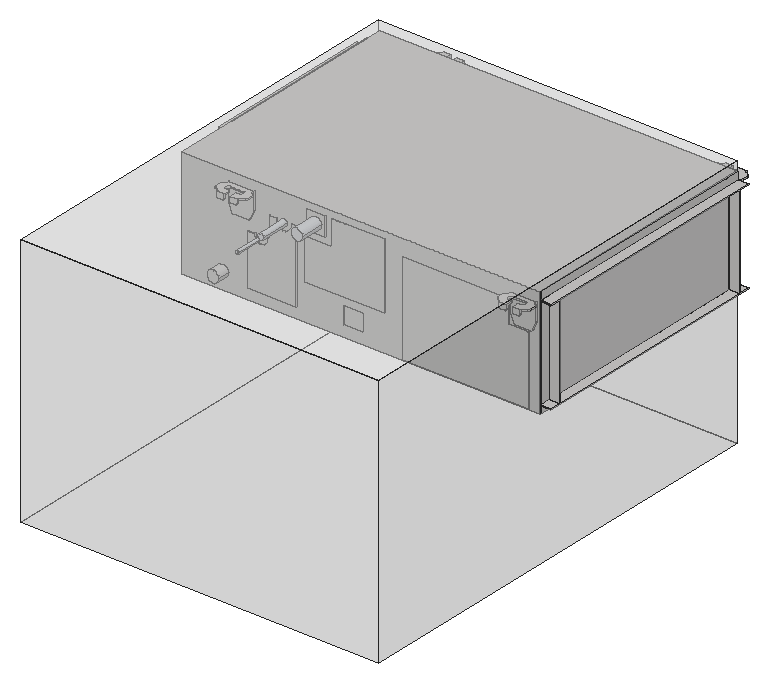
Revit family "outputfile", category 機械設備, Revit 2024
Family settings
  丸型コネクタ寸法 = 半径を使用
  パーツ タイプ = 標準
  OmniClass 番号 = 23.75.10.24.21.27.27
  OmniClass タイトル = Split System Air Conditioning Units
  作業面ベース = いいえ
  常に垂直 = はい
  ロード時にボイドで切り取り = いいえ
  注釈の向きを維持 = いいえ
  共有 = いいえ
  部屋計算ポイント = はい
Parameters (values of type "FXSQ20PAVS")
  Description = ""
  製造元 = "Daikin"
  書き出し IFC クラス(タイプ) = "IfcUnitaryEquipmentType"
  定義済み IFC タイプ(タイプ) = "AIRCONDITIONINGUNIT"
  Cost = 0
  モデル = "FXSQ20PAVS"
  Type Comments = ""
  Keynote = ""
  Type Image = (empty or 0)
  Assembly Code = ""
  r_Liquid Pipe Size = Liquid Pipe Size / 2  # 3.2 mm
  r_Gas Pipe Size = Gas Pipe Size / 2  # 6.35 mm
  r_Drain Pipe Size = Drain Pipe Size / 2  # 12.5 mm
  lw_power = 770.0 mm  # constant formula
  lh_SA = 138.0 mm  # constant formula
  lw_SA = if(Depth = 550.0 mm, 225.0 mm, if(Depth = 700.0 mm, 300.0 mm, if(Depth = 1000.0 mm, 450.0 mm, if(Depth = 1400.0 mm, 650.0 mm, 725.0 mm))))  # 225.0 mm
  lw_RA = if(Depth = 550.0 mm, 275.0 mm, if(Depth = 700.0 mm, 349.0 mm, if(Depth = 1000.0 mm, 499.0 mm, if(Depth = 1400.0 mm, 699.0 mm, 775.0 mm))))  # 275.0 mm
  lh_power = 60.0 mm + [h***]  # 60.0 mm
  lh_mountinghole1 = lh_mountinghole + [h***]  # 222.0 mm
  lh_RA = 123.0 mm  # constant formula
  ld_power = Depth / 2  # 275.0 mm
  Voltage_comment_50Hz = "220-240"
  Voltage_50Hz = 220 V
  URL = ""
  Supply Air Direction [instance] = yes
  Sound Power Level_H speed (dB) = 61
  Phase_50Hz = 1
  Minimum External Static Pressure = 30.00 Pa
  Minimum Circuit Amps_50Hz = 0.8 A
  Maximum Fuse Amps_50Hz = 16.0 A
  Maximum External Static Pressure = 150.00 Pa
  Material_Casing = DAIKIN_GalvanizedSteel_Casing_indoorunit
  lw_mountinghole = 630.0 mm  # constant formula
  lh_gaspipe = 183.0 mm + [h***]  # 183.0 mm
  lh_mountinghole = 222.0 mm  # constant formula
  lh_liquidpipe = 136.0 mm + [h***]  # 136.0 mm
  lh_drainpipe = 207.0 mm + [h***]  # 207.0 mm
  lh_antena = Height - lh_mountinghole + 1.0 mm  # 24.0 mm
  ld_drainpipe = Depth / 2 + 53.0 mm  # 328.0 mm
  ld_liquidpipe = Depth / 2 + 69.0 mm  # 344.0 mm
  ld_gaspipe = Depth / 2 + 65.0 mm  # 340.0 mm
  ld_mountinghole = Depth + 38.0 mm  # 588.0 mm
  h*** = 0.0 mm  # constant formula
  lw_liquidpipe = 179.0 mm  # constant formula
  lw_gaspipe = 229.0 mm  # constant formula
  lw_drainpipe = 300.0 mm  # constant formula
  Width = 800.0 mm
  Version = "ver.1.0"
  Unit Type = "Middle Static Pressure Duct Type"
  Unit Mass Weight = 25.00 kg
  Unit Designation [instance] = ""
  Uniclass2015Version = "Products v1.30"
  Uniclass2015Title = "Variable refrigerant flow units"
  Uniclass2015Code = "Pr_70_65_03_94"
  Total Heating Capacity [instance] = 0.000 kW
  Total Cooling Capacity [instance] = 0.000 kW
  Sound Pressure Level_M speed (dBA) = 0
  Sound Pressure Level_L speed (dBA) = 28
  Sound Pressure Level_H speed (dBA) = 33
  Series = "VRV Fan Coil Unit"
  Sensible Cooling Capacity [instance] = 0.000 kW
  SA Duct Size Width = if(Depth = 550.0 mm, 337.0 mm, if(Depth = 700.0 mm, 492.0 mm, if(Depth = 1000.0 mm, 792.0 mm, if(Depth = 1400.0 mm, 1192.0 mm, 1337.0 mm))))  # 337.0 mm
  SA Duct Size Height = 176.0 mm
  Refrigerant Type = "R410A"
  RA Duct Size Width = if(Depth = 550.0 mm, 502.0 mm, if(Depth = 700.0 mm, 654.0 mm, if(Depth = 1000.0 mm, 952.0 mm, if(Depth = 1400.0 mm, 1352.0 mm, 1502.0 mm))))  # 502.0 mm
  RA Duct Size Height = 208.0 mm
  Power Input (Heating) = 0.099 kW
  Power Input (Cooling) = 0.104 kW
  Option Accessory 3 [instance] = ""
  Option Accessory 2 [instance] = ""
  Option Accessory 1 [instance] = ""
  Nominal Heating Capacity = 2.500 kW
  Nominal Cooling Capacity = 2.200 kW
  Minimum Airflow = 390.00 m³/h
  Median Airflow = 450.00 m³/h
  Maximum Airflow = 540.00 m³/h
  Load Classification = HVAC
  Liquid Pipe Size = 6.4 mm
  Link_Nested Family [instance] = ""
  IfcVersion = "0"
  IfcExportType = "AIRCONDITIONINGUNIT"
  IfcExportAs = "IfcUnitaryEquipmentType"
  Height = 245.0 mm
  Heating Entering Wet Bulb Temperature [instance] = 0.00 °C
  Heating Entering Dry Bulb Temperature [instance] = 0.00 °C
  Heating Ambient Wet Bulb Temperature [instance] = 0.00 °C
  Heating Ambient Dry Bulb Temperature [instance] = 0.00 °C
  Heat Exchanger Type = "Cross Fin Coil"
  Gas Pipe Size = 12.7 mm
  Frequency_50Hz = 50 Hz
  Fan Type = "Sirocco Fan"
  Fan Drive = "Direct Drive"
  FCU Tag No. [instance] = ""
  Drain Pipe Size = 25.0 mm
  Design Supply Airflow [instance] = 0.00 m³/h
  Design Return Airflow [instance] = 0.00 m³/h
  Design External Static Pressure [instance] = 0.00 Pa
  Depth = 550.0 mm
  既定の高さ = 0.0 mm
  Cooling Entering Wet Bulb Temperature [instance] = 0.00 °C
  Cooling Entering Dry Bulb Temperature [instance] = 0.00 °C
  Cooling Ambient Wet Bulb Temperature [instance] = 0.00 °C
  Cooling Ambient Dry Bulb Temperature [instance] = 0.00 °C
  Clearance visibility [instance] = yes
  Clearance Top = 20.0 mm
  Clearance Right = 0.0 mm
  Clearance Rear = 0.0 mm
  Clearance Left = 0.0 mm
  Clearance Front = 450.0 mm
  Clearance Bottom = 300.0 mm
Reference planes
  plane 1 "Center (Front/Back)": y = 0
  plane 2 "h": z = 0
  plane 3 "Center (Left/Right)": x = 0
  plane 4 "Back": y = 275
  plane 5 "Front": y = -275
  plane 6 "Left": x = -400
  plane 7 "Reight": x = 400
  plane 8 "Top": z = 0
  plane 9 "Bottom": z = -245
  plane 10: y = -215
  plane 11: y = 275
  plane 12: y = -725
  plane 13: x = -400
  plane 14: x = 400
  plane 15: z = 20
  plane 16: z = -545
  plane 17: x = -400
  plane 18: x = -399
  plane 19: x = 399
  plane 20: y = 50
  plane 21: y = 0
  plane 22: z = -122
  plane 23: y = -276
  plane 24: z = -109
  plane 25: x = -221
  plane 26: y = -340
  plane 27: z = -62
  plane 28: x = -171
  plane 29: y = -328
  plane 30: z = -38
  plane 31: x = -100
  plane 32: x = -100
  plane 33: x = -221
  plane 34: x = -171
  plane 35: x = 370
  plane 36: x = -266
  plane 37: x = 364
  plane 38: y = -294
  plane 39: y = 294
  plane 40: z = -23
  plane 41: z = -107
  plane 42: y = -344
  plane 43: z = -207
  plane 44: x = -309
  plane 45: y = -301
  plane 46: x = -251
  plane 47: x = -203
  plane 48: x = -144
  plane 49: z = -59
  plane 50: z = -106
  plane 51: z = -221
  plane 52: z = -109
  plane 53: x = -221
  plane 54: z = -62
  plane 55: x = -171
  plane 56: z = -17
  plane 57: z = -59
  plane 58: x = -121
  plane 59: x = -79
  plane 60: x = -125
  plane 61: x = -64
  plane 62: x = 53
  plane 63: z = -164
  plane 64: z = -73
  plane 65: z = -16
  plane 66: x = 93.5
  plane 67: x = 374.5
  plane 68: x = 330
  plane 69: z = -88.5
  plane 70: z = -38
  plane 71: z = -242.5
  plane 72: x = -38.5
  plane 73: x = 6.5
  plane 74: z = -181
  plane 75: z = -221
  plane 76: y = -274
  plane 77: x = -424
  plane 78: x = 424
Forms (mm)
  Extrusion 1, solid, material "DAIKIN_GalvanizedSteel_Casing_indoorunit" <- "Material_Casing"
    sketch origin (0, 0, 0) x (1, 0, 0) y (0, 1, 0)
      loop
        line (-399, 275) -> (-399, -275) -> (399, -275) -> (399, 275) -> (-399, 275)
    from -245 to 0
  Extrusion 2, solid, material "DAIKIN_GalvanizedSteel_Casing_indoorunit" <- "Material_Casing"
    sketch origin (0, 0, 0) x (1, 0, 0) y (0, 0, 1)
      loop
        line (-251, -221) -> (-144, -221) -> (-144, -59) -> (-154.47, -59)
        arc (-154.47, -59) -> (-171, -78.8) -> (-187.53, -59) r 16.8
        line (-187.53, -59) -> (-203, -59) -> (-203, -106) -> (-206.916, -106)
        arc (-206.916, -106) -> (-221, -123.4) -> (-235.084, -106) r 14.4
        line (-235.084, -106) -> (-251, -106) -> (-251, -221)
    from 275 to 276
  Extrusion 3, solid, material "DAIKIN_GalvanizedSteel_Casing_indoorunit" <- "Material_Casing"
    sketch origin (0, 0, 0) x (1, 0, 0) y (0, 0, 1)
      loop
        line (-121, -17) -> (-121, -59) -> (-79, -59) -> (-79, -17) -> (-121, -17)
      loop
        line (-125, -73) -> (-125, -164) -> (53, -164) -> (53, -16) -> (-64, -16) -> (-64, -73) -> (-125, -73)
    from 275 to 276
  Extrusion 4, solid, material "DAIKIN_GalvanizedSteel_Casing_indoorunit" <- "Material_Casing"
    sketch origin (0, 0, 0) x (1, 0, 0) y (0, 0, 1)
      loop
        line (93.5, -38) -> (93.5, -242.5) -> (374.5, -242.5) -> (374.5, -88.5) -> (330, -88.5) -> (330, -38) -> (93.5, -38)
    from 275 to 276
  Extrusion 5, solid
    sketch origin (0, 0, 0) x (1, 0, 0) y (0, 0, 1)
      loop
        circle (-221, -109) r 3.2
    from 275 to 344
  Extrusion 6, solid
    sketch origin (0, 0, 0) x (1, 0, 0) y (0, 0, 1)
      loop
        circle (-171, -62) r 6.35
    from 275 to 340
  Extrusion 7, solid
    sketch origin (0, 0, 0) x (1, 0, 0) y (0, 0, 1)
      loop
        circle (-100, -38) r 12.5
    from 276 to 328
  Extrusion 8, solid, material "DAIKIN_GalvanizedSteel_Casing_indoorunit" <- "Material_Casing"
    sketch origin (0, 0, 0) x (1, 0, 0) y (0, 0, 1)
      loop
        circle (-309, -207) r 13
    from 275 to 301
  Extrusion 9, void
    sketch origin (0, 0, 0) x (1, 0, 0) y (0, 0, 1)
      loop
        line (-38.5, -181) -> (-38.5, -221) -> (6.5, -221) -> (6.5, -181) -> (-38.5, -181)
    from 274 to 275
Cuts and joins
  Extrusion 9 cuts Extrusion 1
Dimensions and locks
  "Height": plane 8 "Top" to plane 9 "Bottom"
  equal spacing: plane 4 "Back", plane 1 "Center (Front/Back)", plane 5 "Front"
  "Depth": plane 4 "Back" to plane 5 "Front"
  equal spacing: plane 6 "Left", plane 3 "Center (Left/Right)", plane 7 "Reight"
  "Width": plane 6 "Left" to plane 7 "Reight"
  "Clearance Left": plane 13 to plane 6 "Left"
  "Clearance Right": plane 7 "Reight" to plane 14
  "Clearance Rear": plane 11 to plane 4 "Back"
  "Clearance Front": plane 5 "Front" to plane 12
  "Clearance Top": plane 15 to plane 8 "Top"
  "Clearance Bottom": plane 9 "Bottom" to plane 16
  locked: plane 17 to plane 18 at 1
  locked: plane 19 to plane 14 at 1
  "lw_SA": plane 11 to plane 20
  "lw_RA": plane 21 to plane 5 "Front"
  "lh_RA": plane 22 to plane 9 "Bottom"
  locked: plane 5 "Front" to plane 23 at 1
  "lw_liquidpipe": plane 25 to plane 6 "Left"
  "lh_liquidpipe": plane 24 to plane 9 "Bottom"
  "lh_gaspipe": plane 27 to plane 9 "Bottom"
  "lw_gaspipe": plane 28 to plane 6 "Left"
  "ld_gaspipe": plane 26 to plane 1 "Center (Front/Back)"
  "ld_drainpipe": plane 29 to plane 1 "Center (Front/Back)"
  "lh_drainpipe": plane 30 to plane 9 "Bottom"
  "lw_drainpipe": plane 31 to plane 6 "Left"
  "lw_drainpipe": plane 6 "Left" to plane 32
  "lw_liquidpipe": plane 6 "Left" to plane 33
  "lw_gaspipe": plane 6 "Left" to plane 34
  "lw_power": plane 6 "Left" to plane 35
  locked: plane 17 to plane 36 at 134
  "lw_mountinghole": plane 36 to plane 37
  equal spacing: plane 38, plane 1 "Center (Front/Back)", plane 39
  "ld_mountinghole": plane 39 to plane 38
  "lh_mountinghole": plane 40 to plane 9 "Bottom"
  "lh_SA": plane 41 to plane 9 "Bottom"
  "ld_liquidpipe": plane 21 to plane 42
  locked: plane 44 to plane 6 "Left" at 91
  locked: plane 43 to plane 9 "Bottom" at 38
  locked: plane 5 "Front" to plane 45 at 26
  plane 48 to plane 47 to plane 46 to plane 6 "Left" = 59.0 mm, 48.0 mm, 149.0 mm
  plane 8 "Top" to plane 49 to plane 50 to plane 51 = 59.0 mm locked, 47.0 mm locked, 115.0 mm locked
  plane 55 to plane 53 to plane 6 "Left" = 50.0 mm locked, 179.0 mm locked
  plane 54 to plane 52 to plane 9 "Bottom" = 47.0 mm locked, 136.0 mm locked
  plane 59 to plane 58 to plane 6 "Left" = 42.0 mm locked, 279.0 mm locked
  plane 8 "Top" to plane 56 to plane 57 = 17.0 mm locked, 42.0 mm locked
  plane 62 to plane 61 to plane 60 to plane 6 "Left" = 117.0 mm, 61.0 mm, 275.0 mm
  plane 8 "Top" to plane 65 to plane 64 = 16.0 mm locked, 57.0 mm locked
  locked: plane 65 to plane 63 at 148
  plane 8 "Top" to plane 70 to plane 69 to plane 71 = 38.0 mm locked, 50.5 mm locked, 154.0 mm locked
  plane 67 to plane 68 to plane 66 to plane 6 "Left" = 44.5 mm locked, 236.5 mm locked, 493.5 mm locked
  plane 8 "Top" to plane 74 to plane 75 = 181.0 mm locked, 40.0 mm locked
  plane 73 to plane 72 to plane 6 "Left" = 45.0 mm, 361.5 mm
  locked: plane 76 to plane 5 "Front" at 1
  locked: plane 77 to plane 17 at 24
  locked: plane 14 to plane 78 at 24
  "r_Liquid Pipe Size": radius of Extrusion 5 sketch curve
  "r_Gas Pipe Size": radius of Extrusion 6 sketch curve
  "r_Drain Pipe Size": radius of Extrusion 7 sketch curve
  aligned and locked: level to plane 2 "h"
  aligned and locked: plane 8 "Top" to Extrusion 1
  aligned and locked: Extrusion 1 to plane 9 "Bottom"
  aligned and locked: nested 5 to plane 12
  aligned and locked: plane 13 to nested 5
  aligned and locked: plane 14 to nested 5
  aligned and locked: nested 5 to plane 13
  aligned and locked: plane 11 to nested 5
  aligned and locked: plane 15 to nested 5
  aligned and locked: plane 16 to nested 5
  aligned and locked: plane 5 "Front" to Extrusion 1 sketch curve
  aligned and locked: Extrusion 1 to plane 18
  aligned and locked: plane 19 to Extrusion 1
  aligned and locked: nested 7 to plane 18
  aligned and locked: nested 7 to plane 20
  aligned and locked: plane 19 to nested 8
  aligned and locked: plane 21 to nested 8
  aligned and locked: plane 22 to nested 8
  aligned and locked: Extrusion 2 to plane 23
  aligned and locked: plane 5 "Front" to Extrusion 2
  aligned and locked: Extrusion 3 to plane 23
  aligned and locked: plane 5 "Front" to Extrusion 3
  aligned and locked: plane 5 "Front" to Extrusion 4
  aligned and locked: Extrusion 5 sketch curve to plane 25
  aligned and locked: plane 24 to Extrusion 5 sketch curve
  aligned and locked: plane 5 "Front" to Extrusion 5
  aligned and locked: Extrusion 6 sketch curve to plane 28
  aligned and locked: plane 27 to Extrusion 6 sketch curve
  aligned and locked: plane 5 "Front" to Extrusion 6
  aligned and locked: Extrusion 7 sketch curve to plane 31
  aligned and locked: Extrusion 7 sketch curve to plane 30
  aligned and locked: Extrusion 7 to plane 29
  aligned and locked: plane 23 to Extrusion 7
  aligned and locked: nested 3 to plane 29
  aligned and locked: plane 32 to nested 3
  aligned and locked: nested 2 to plane 33
  aligned and locked: nested 1 to plane 34
  aligned and locked: Extrusion 6 to plane 26
  aligned and locked: nested 1 to plane 26
  aligned and locked: nested 6 to plane 5 "Front"
  aligned and locked: plane 35 to nested 6
  aligned and locked: plane 36 to nested 10
  aligned and locked: nested 10 to plane 5 "Front"
  aligned and locked: plane 37 to nested 9
  aligned and locked: nested 9 to plane 5 "Front"
  aligned and locked: nested 11 to plane 36
  aligned and locked: plane 4 "Back" to nested 11
  aligned and locked: nested 12 to plane 37
  aligned and locked: plane 4 "Back" to nested 12
  aligned and locked: plane 40 to nested 10
  aligned and locked: plane 40 to nested 11
  aligned and locked: plane 40 to nested 9
  aligned and locked: plane 40 to nested 12
  aligned and locked: plane 36 to nested 14
  aligned and locked: nested 14 to plane 39
  aligned and locked: plane 37 to nested 13
  aligned and locked: nested 13 to plane 39
  aligned and locked: plane 37 to nested 16
  aligned and locked: plane 38 to nested 16
  aligned and locked: plane 38 to nested 15
  aligned and locked: plane 36 to nested 15
  aligned and locked: plane 17 to plane 6 "Left"
  aligned and locked: plane 41 to nested 7
  aligned and locked: Extrusion 5 to plane 42
  aligned and locked: nested 2 to plane 42
  aligned and locked: Extrusion 8 sketch curve to plane 44
  aligned and locked: plane 43 to Extrusion 8 sketch curve
  aligned and locked: plane 5 "Front" to Extrusion 8
  aligned and locked: plane 45 to Extrusion 8
  aligned and locked: Extrusion 3 sketch curve to plane 56
  aligned and locked: Extrusion 3 sketch curve to plane 58
  aligned and locked: plane 57 to Extrusion 3 sketch curve
  aligned and locked: plane 59 to Extrusion 3 sketch curve
  aligned and locked: Extrusion 4 to plane 23
  aligned and locked: Extrusion 9 sketch curve to plane 74
  aligned and locked: plane 75 to Extrusion 9 sketch curve
  aligned and locked: plane 73 to Extrusion 9 sketch curve
  aligned and locked: plane 5 "Front" to Extrusion 9
  aligned and locked: plane 76 to Extrusion 9
  aligned and locked: nested 17 to plane 20
  aligned and locked: nested 17 to plane 77
  aligned and locked: plane 21 to nested 18
  aligned and locked: plane 78 to nested 18
  aligned and locked: plane 41 to nested 17
  aligned and locked: nested 18 to plane 22
  aligned and locked: nested 4 to plane 3 "Center (Left/Right)"
  aligned and locked: plane 1 "Center (Front/Back)" to nested 4
  aligned and locked: level to plane 8 "Top"
Automatic sketch dimensions
  plane 6 "Left" to Extrusion 1 sketch curve = 1.0 mm
  Extrusion 1 sketch curve to plane 7 "Reight" = 1.0 mm
  Extrusion 1 sketch curve to plane 4 "Back" = 0.0 mm
  Extrusion 2 sketch curve to plane 46 = 0.0 mm
  Extrusion 2 sketch curve to plane 33 = 0.0 mm
  Extrusion 2 sketch curve to plane 47 = 0.0 mm
  Extrusion 2 sketch curve to plane 34 = 0.0 mm
  Extrusion 2 sketch curve to plane 48 = 0.0 mm
  Extrusion 2 sketch curve to plane 51 = 0.0 mm
  Extrusion 2 sketch curve to plane 52 = 0.0 mm
  Extrusion 2 sketch curve to plane 50 = 0.0 mm  (x3)
  Extrusion 2 sketch curve to plane 54 = 0.0 mm
  Extrusion 2 sketch curve to plane 49 = 0.0 mm  (x3)
  plane 33 to Extrusion 2 sketch curve = 14.084 mm
  plane 34 to Extrusion 2 sketch curve = 16.53 mm
  Extrusion 3 sketch curve to plane 60 = 0.0 mm
  Extrusion 3 sketch curve to plane 61 = 0.0 mm
  Extrusion 3 sketch curve to plane 62 = 0.0 mm
  Extrusion 3 sketch curve to plane 63 = 0.0 mm
  Extrusion 3 sketch curve to plane 64 = 0.0 mm
  Extrusion 3 sketch curve to plane 65 = 0.0 mm
  Extrusion 4 sketch curve to plane 66 = 0.0 mm
  Extrusion 4 sketch curve to plane 68 = 0.0 mm
  Extrusion 4 sketch curve to plane 67 = 0.0 mm
  Extrusion 4 sketch curve to plane 71 = 0.0 mm
  Extrusion 4 sketch curve to plane 69 = 0.0 mm
  Extrusion 4 sketch curve to plane 70 = 0.0 mm
  Extrusion 9 sketch curve to plane 72 = 0.0 mm
  radius of Extrusion 8 sketch curve = 13.0 mm
Nested families
  nested 1: "daikin_connector_rotate2" at (-171, 0, -62), length <- "ld_gaspipe", built-in parameter 1001364 <- "lh_gaspipe", radius <- "r_Gas Pipe Size", type "daikin_connector_rotate2"
    with radius 6.35 mm, length 340.0 mm, angle_vertical 90.00°
  nested 2: "daikin_connector_rotate2" at (-221, 0, -109), length <- "ld_liquidpipe", built-in parameter 1001364 <- "lh_liquidpipe", radius <- "r_Liquid Pipe Size", type "daikin_connector_rotate2"
    with radius 3.2 mm, length 344.0 mm, angle_vertical 90.00°
  nested 3: "daikin_connector_rotate2" at (-100, 0, -38), length <- "ld_drainpipe", built-in parameter 1001364 <- "lh_drainpipe", radius <- "r_Drain Pipe Size", type "daikin_connector_rotate2"
    with radius 12.5 mm, length 328.0 mm, angle_vertical 90.00°
  nested 4: "daikin_△_symbolicline" at (0, 0, 245) x (0, -1, 0) z (0, 0, 1), built-in parameter 1001364 <- "Height", visible <- "Supply Air Direction", type "daikin_△_symbolicline"
    with length 200.0 mm
  nested 5: "daikin_clearancespace" at (0, -225, -262.381), visible <- "Clearance visibility", show <- "Clearance visibility", Link_Nested Family <- "Link_Nested Family", type "daikin_clearancespace"
    with width 800.0 mm, show yes, height 565.0 mm, depth 1000.0 mm, Link_Nested Family ""
  nested 6: "daikin_connector_rotate2" at (370, 0, -185), built-in parameter 1001364 <- "lh_power", length <- "ld_power", type "daikin_connector_rotate2"
    with radius 10.0 mm, length 275.0 mm, angle_vertical 90.00°
  nested 7: "daikin_ductflange_FXSQ-PAVS2" at (-399, 50, -107) x (0, -1, 0) z (0, 0, 1), type "daikin_ductflange_FXSQ-PAVS2"
  nested 8: "daikin_ductflange_FXSQ-PAVS" at (399, 0, -122) x (0, 1, 0) z (0, 0, 1), type "daikin_ductflange_FXSQ-PAVS"
  nested 9: "daikin_hangerfixture_FXSQ-PAVS" at (364, -275, -23), type "daikin_hangerfixture_FXSQ-PAVS"
  nested 10: "daikin_hangerfixture_FXSQ-PAVS" at (-266, -275, -23), type "daikin_hangerfixture_FXSQ-PAVS"
  nested 11: "daikin_hangerfixture_FXSQ-PAVS" at (-266, 275, -23) x (-1, 0, 0) z (0, 0, 1), type "daikin_hangerfixture_FXSQ-PAVS"
  nested 12: "daikin_hangerfixture_FXSQ-PAVS" at (364, 275, -23) x (-1, 0, 0) z (0, 0, 1), type "daikin_hangerfixture_FXSQ-PAVS"
  nested 13: "daikin_mountinghole" at (364, 294, -245), h_mountinghole <- "lh_mountinghole1", l_antenna <- "lh_antena", Link_Nested Family <- "Link_Nested Family", type "daikin_mountinghole"
    with show yes, l_antenna 24.0 mm, h_mountinghole 222.0 mm, Link_Nested Family ""
  nested 14: "daikin_mountinghole" at (-266, 294, -245), h_mountinghole <- "lh_mountinghole1", l_antenna <- "lh_antena", Link_Nested Family <- "Link_Nested Family", type "daikin_mountinghole"
    with show yes, l_antenna 24.0 mm, h_mountinghole 222.0 mm, Link_Nested Family ""
  nested 15: "daikin_mountinghole" at (-266, -294, -245), h_mountinghole <- "lh_mountinghole1", l_antenna <- "lh_antena", Link_Nested Family <- "Link_Nested Family", type "daikin_mountinghole"
    with show yes, l_antenna 24.0 mm, h_mountinghole 222.0 mm, Link_Nested Family ""
  nested 16: "daikin_mountinghole" at (364, -294, -245), h_mountinghole <- "lh_mountinghole1", l_antenna <- "lh_antena", Link_Nested Family <- "Link_Nested Family", type "daikin_mountinghole"
    with show yes, l_antenna 24.0 mm, h_mountinghole 222.0 mm, Link_Nested Family ""
  nested 17: "daikin_connector_rotate2" at (-400, 50, -107) x (0, -1, 0) z (0, 0, 1), type "daikin_connector_rotate2"
    with radius 10.0 mm, length 24.0 mm, angle_vertical 90.00°
  nested 18: "daikin_connector_rotate2" at (400, 0, -122) x (0, 1, 0) z (0, 0, 1), type "daikin_connector_rotate2"
    with radius 10.0 mm, length 24.0 mm, angle_vertical 90.00°
Connectors
  piping at (-100, -328, -38), diameter 25, driven by "r_Drain Pipe Size"
    settings: on nested 3, index 3, connector inside diameter 609.6 mm, connector length 0.0 mm, flow factor 0, pipe flow 0.00 m³/h, pressure drop 0.0 Pa, fitting loss kfactor 0, connector angle 0.00°, fixture units 0, engagement length 0.0 mm, angle of deflection 0.00°, flow configuration 1, flow direction 2, fitting loss method 4, system type 16, joint type 0, gender type 0, connector reference index -1, connector utility 0, adjustable connector no, is connector primary yes, connector description "Condensate Drain Piping"
  piping at (-171, -340, -62), diameter 12.7, driven by "r_Gas Pipe Size"
    settings: on nested 1, index 4, connector inside diameter 609.6 mm, connector length 0.0 mm, flow factor 0, pipe flow 0.00 m³/h, pressure drop 0.0 Pa, fitting loss kfactor 0, connector angle 0.00°, fixture units 0, engagement length 0.0 mm, angle of deflection 0.00°, flow configuration 1, flow direction 2, fitting loss method 0, system type 29, joint type 0, gender type 0, connector reference index -1, connector utility 0, adjustable connector no, is connector primary no, connector description "Refrigerant Gas Piping"
  piping at (-221, -344, -109), diameter 6.4, driven by "r_Liquid Pipe Size"
    settings: on nested 2, index 5, connector inside diameter 609.6 mm, connector length 0.0 mm, flow factor 0, pipe flow 0.00 m³/h, pressure drop 0.0 Pa, fitting loss kfactor 0, connector angle 0.00°, fixture units 0, engagement length 0.0 mm, angle of deflection 0.00°, flow configuration 1, flow direction 1, fitting loss method 0, system type 29, joint type 0, gender type 0, connector reference index -1, connector utility 0, adjustable connector no, is connector primary no, connector description "Refrigerant Liquid Piping"
  electrical at (370, -275, -185), driven by "Load Classification"
    settings: on nested 6, index 6, voltage 0 V, apparent load 0 VA, apparent load phase1 0 VA, apparent load phase2 0 VA, apparent load phase3 0 VA, power factor 1, load classification "HVAC", number of poles 1, system type 30, power factor state 1, is connector primary yes, connector utility no, sub classification motor no, connector description "Power Supply"
  hvac at (-424, 50, -107), driven by "SA Duct Size Height", driven by "SA Duct Size Width"
    settings: on nested 17, index 7, duct flow 0.00 m³/h, flow factor 0, pres drop 0.00 Pa, loss coef 0, conn angle 0.00°, conn width 337.0 mm, conn height 176.0 mm, conn diameter 609.6 mm, duct sys type 1, conn prof type 1, flow config 0, flow direction 2, loss method 4, conn ref index -1, conn util no, is conn primary yes, conn desc "SA Duct"
  hvac at (424, 0, -122), driven by "RA Duct Size Height", driven by "RA Duct Size Width"
    settings: on nested 18, index 8, duct flow 0.00 m³/h, flow factor 0, pres drop 0.00 Pa, loss coef 0, conn angle 0.00°, conn width 502.0 mm, conn height 208.0 mm, conn diameter 609.6 mm, duct sys type 2, conn prof type 1, flow config 0, flow direction 1, loss method 4, conn ref index -1, conn util no, is conn primary no, conn desc "RA Duct"
Definition of nested family "daikin_clearancespace"
  Parameters (values of type "daikin_clearancespace")
    width [instance] = 1823.963 mm
    show [instance] = yes
    material = none
    height [instance] = 1359.762 mm
    depth [instance] = 880.0 mm
    Default Elevation = 0.0 mm
    Link_Nested Family [instance] = ""
  Reference planes
    plane 1 "Center (Front/Back)": y = 0
    plane 2 "Center (Elevation)": z = -0.119
    plane 3 "Center (Left/Right)": x = 0
    plane 4: y = 440
    plane 5: y = -440
    plane 6 "Right": x = 911.982
    plane 7 "Left": x = -911.982
    plane 8 "Top": z = 679.762
    plane 9 "Bottom": z = -680
  Forms (mm)
    Extrusion 1, solid, material <- "material", visible <- "show"
      sketch origin (0, 0, 0) x (1, 0, 0) y (0, 1, 0)
        loop
          line (-911.982, 440) -> (-911.982, -440) -> (911.982, -440) -> (911.982, 440) -> (-911.982, 440)
      from -680 to 679.762
  Lines and regions (mm)
    symbolic lines, visible <- "show"
      curve 1: line (911.982, 440, 0) -> (-911.982, 440, 0)
      curve 2: line (-911.982, 440, 0) -> (-911.982, -440, 0)
      curve 3: line (-911.982, -440, 0) -> (911.982, -440, 0)
      curve 4: line (911.982, -440, 0) -> (911.982, 440, 0)
      curve 5: line (911.982, 0, 679.762) -> (-911.982, 0, 679.762)
      curve 6: line (911.982, 0, -680) -> (911.982, 0, 679.762)
      curve 7: line (-911.982, 0, -680) -> (911.982, 0, -680)
      curve 8: line (-911.982, 0, 679.762) -> (-911.982, 0, -680)
      curve 9: line (0, 440, 679.762) -> (0, -440, 679.762)
      curve 10: line (0, -440, 679.762) -> (0, -440, -680)
      curve 11: line (0, 440, -680) -> (0, 440, 679.762)
      curve 12: line (0, -440, -680) -> (0, 440, -680)
  Dimensions and locks
    "width": plane 7 "Left" to plane 6 "Right"
    "depth": plane 4 to plane 5
    "height": plane 8 "Top" to plane 9 "Bottom"
    equal spacing: plane 7 "Left", plane 3 "Center (Left/Right)", plane 6 "Right"
    equal spacing: plane 4, plane 1 "Center (Front/Back)", plane 5
    equal spacing: plane 8 "Top", plane 2 "Center (Elevation)", plane 9 "Bottom"
    aligned and locked: level to plane 2 "Center (Elevation)"
    aligned and locked: Extrusion 1 sketch curve to plane 4
    aligned and locked: plane 7 "Left" to Extrusion 1 sketch curve
    aligned and locked: Extrusion 1 sketch curve to plane 5
    aligned and locked: Extrusion 1 sketch curve to plane 6 "Right"
    aligned and locked: plane 8 "Top" to Extrusion 1
    aligned and locked: curve 1 to Extrusion 1
    aligned and locked: curve 2 to Extrusion 1
    aligned and locked: curve 3 to Extrusion 1
    aligned and locked: curve 4 to Extrusion 1
    aligned and locked: curve 5 to Extrusion 1
    aligned and locked: curve 6 to Extrusion 1
    aligned and locked: curve 7 to Extrusion 1
    aligned and locked: curve 8 to Extrusion 1
    aligned and locked: curve 9 to Extrusion 1
    aligned and locked: curve 10 to Extrusion 1
    aligned and locked: curve 11 to Extrusion 1
    aligned and locked: curve 12 to Extrusion 1
    aligned and locked: Extrusion 1 to plane 9 "Bottom"
Definition of nested family "daikin_ductflange_FXSQ-PAVS2"
  Parameters (values of type "daikin_ductflange_FXMQ-PAVE2")
    width = if(w = 550.0 mm, 337.0 mm, if(w = 700.0 mm, 492.0 mm, if(w = 1000.0 mm, 792.0 mm, if(w = 1400.0 mm, 1192.0 mm, 1337.0 mm))))  # 337.0 mm
    material = none
    height = 215.0 mm
    depth = 1.0 mm
    w = 550.0 mm
    Default Elevation = 0.0 mm
  Reference planes
    plane 1 "Center (Front/Back)": y = 0
    plane 2: z = 0
    plane 3 "Center (Left/Right)": x = 0
    plane 4: z = 88
    plane 5: z = -88
    plane 6: y = -25
    plane 7: z = 106
    plane 8: z = 89
    plane 9: y = -1
    plane 10: x = -192.5
    plane 11: x = 192.5
    plane 12: z = -106
    plane 13: z = -89
    plane 14: y = -1
    plane 15: x = 168.5
    plane 16: x = -168.5
    plane 17: x = 169.5
    plane 18: z = 87
    plane 19: z = -87
    plane 20: x = -169.5
    plane 21: z = 87
    plane 22: z = -87
    plane 23: y = -1
  Forms (mm)
    Extrusion 1, solid, material <- "material"
      sketch origin (0, 0, 0) x (0, 1, 0) y (0, 0, 1)
        loop
          line (-25, 88) -> (0, 88) -> (0, 106) -> (-1, 106) -> (-1, 89) -> (-25, 89) -> (-25, 88)
      from -192.5 to 192.5
    Extrusion 2, solid, material <- "material"
      sketch origin (0, 0, 0) x (0, 1, 0) y (0, 0, 1)
        loop
          line (-25, -88) -> (-25, -89) -> (-1, -89) -> (-1, -106) -> (0, -106) -> (0, -88) -> (-25, -88)
      from -192.5 to 192.5
    Extrusion 3, solid, material <- "material"
      sketch origin (0, 0, 0) x (1, 0, 0) y (0, 0, 1)
        loop
          line (168.5, 88) -> (168.5, -88) -> (192.5, -88) -> (192.5, -87) -> (169.5, -87) -> (169.5, 87) -> (192.5, 87) -> (192.5, 88) -> (168.5, 88)
      from 0 to 25
    Extrusion 4, solid, material <- "material"
      sketch origin (0, 0, 0) x (1, 0, 0) y (0, 0, 1)
        loop
          line (-192.5, 88) -> (-192.5, 87) -> (-169.5, 87) -> (-169.5, -87) -> (-192.5, -87) -> (-192.5, -88) -> (-168.5, -88) -> (-168.5, 88) -> (-192.5, 88)
      from 0 to 25
    Extrusion 5, solid, material <- "material"
      sketch origin (0, 0, 0) x (1, 0, 0) y (0, 0, 1)
        loop
          line (-192.5, 88) -> (-192.5, -88) -> (-168.5, -88) -> (-168.5, 88) -> (-192.5, 88)
        loop
          line (192.5, 88) -> (168.5, 88) -> (168.5, -88) -> (192.5, -88) -> (192.5, 88)
      from 0 to 1
  Cuts and joins
    joined: Extrusion 1, Extrusion 2, Extrusion 3, Extrusion 4, Extrusion 5
  Dimensions and locks
    plane 4 to level to plane 5 = 88.0 mm, 88.0 mm
    locked: plane 6 to plane 1 "Center (Front/Back)" at 25
    locked: plane 9 to plane 1 "Center (Front/Back)" at 1
    locked: plane 8 to plane 4 at 1
    locked: plane 16 to plane 10 at 24
    locked: plane 17 to plane 15 at 1
    locked: plane 4 to plane 18 at 1
    locked: plane 19 to plane 5 at 1
    "width": plane 15 to plane 16
    plane 4 to plane 5 = 176.0 mm
    locked: plane 16 to plane 20 at 1
    locked: plane 4 to plane 21 at 1
    locked: plane 22 to plane 5 at 1
    locked: plane 23 to plane 1 "Center (Front/Back)" at 1
    plane 4 to level to plane 5 = 88.0 mm locked, 88.0 mm locked
    locked: plane 5 to plane 13 at 1
    locked: plane 5 to plane 12 at 18
    locked: plane 7 to plane 4 at 18
    equal spacing: plane 15, plane 3 "Center (Left/Right)", plane 16
    locked: plane 11 to plane 15 at 24
    plane 11 to plane 10 = 385.0 mm
    aligned and locked: level to plane 2
    aligned and locked: Extrusion 1 to plane 10
    aligned and locked: plane 11 to Extrusion 1
    aligned and locked: plane 5 to Extrusion 2
    aligned and locked: Extrusion 2 to plane 1 "Center (Front/Back)"
    aligned and locked: plane 15 to Extrusion 3 sketch curve
    aligned and locked: Extrusion 3 sketch curve to Extrusion 2  (x2)
    aligned and locked: Extrusion 3 sketch curve to plane 11
    aligned and locked: plane 6 to Extrusion 3
    aligned and locked: Extrusion 2 to plane 10
    aligned and locked: plane 11 to Extrusion 2
    aligned and locked: Extrusion 4 sketch curve to Extrusion 1  (x2)
    aligned and locked: plane 5 to Extrusion 4 sketch curve
    aligned and locked: Extrusion 4 sketch curve to plane 16
    aligned and locked: Extrusion 4 sketch curve to plane 22
    aligned and locked: plane 20 to Extrusion 4 sketch curve
    aligned and locked: plane 21 to Extrusion 4 sketch curve
    aligned and locked: Extrusion 4 to plane 1 "Center (Front/Back)"
    aligned and locked: plane 6 to Extrusion 4
    aligned and locked: Extrusion 5 sketch curve to Extrusion 1  (x4)
    aligned and locked: Extrusion 5 sketch curve to Extrusion 4  (x2)
    aligned and locked: Extrusion 5 sketch curve to Extrusion 3  (x2)
    aligned and locked: Extrusion 5 to plane 1 "Center (Front/Back)"
    aligned and locked: plane 23 to Extrusion 5
  Automatic sketch dimensions
    Extrusion 1 sketch curve to plane 6 = 0.0 mm
    Extrusion 1 sketch curve to plane 7 = 0.0 mm
    Extrusion 1 sketch curve to plane 9 = 0.0 mm
    Extrusion 1 sketch curve to plane 1 "Center (Front/Back)" = 0.0 mm
    Extrusion 1 sketch curve to plane 4 = 0.0 mm
    Extrusion 1 sketch curve to plane 8 = 0.0 mm
    Extrusion 2 sketch curve to plane 6 = 0.0 mm
    plane 12 to Extrusion 2 sketch curve = 0.0 mm
    Extrusion 2 sketch curve to plane 14 = 0.0 mm
    Extrusion 2 sketch curve to plane 1 "Center (Front/Back)" = 0.0 mm
    plane 13 to Extrusion 2 sketch curve = 0.0 mm
    Extrusion 2 sketch curve to plane 5 = 0.0 mm
    Extrusion 3 sketch curve to plane 17 = 0.0 mm
    Extrusion 3 sketch curve to plane 19 = 0.0 mm
    Extrusion 3 sketch curve to plane 18 = 0.0 mm
    Extrusion 3 sketch curve to plane 4 = 0.0 mm
    Extrusion 4 sketch curve to plane 10 = 0.0 mm
Definition of nested family "daikin_ductflange_FXSQ-PAVS"
  Parameters (values of type "daikin_ductflange_FXMQ-PAVE")
    width = if(w = 550.0 mm, 502.0 mm, if(w = 700.0 mm, 654.0 mm, if(w = 1000.0 mm, 952.0 mm, if(w = 1400.0 mm, 1352.0 mm, 1502.0 mm))))  # 502.0 mm
    material = none
    height = 208.0 mm
    depth = 1.0 mm
    w = 550.0 mm
    Default Elevation = 0.0 mm
  Reference planes
    plane 1 "Center (Front/Back)": y = 0
    plane 2: z = 0
    plane 3 "Center (Left/Right)": x = 0
    plane 4: z = 104
    plane 5: z = -104
    plane 6: y = -25
    plane 7: z = 121
    plane 8: z = 105
    plane 9: y = -1
    plane 10: x = -275
    plane 11: x = 275
    plane 12: z = -122
    plane 13: z = -105
    plane 14: y = -1
    plane 15: x = 251
    plane 16: x = -251
    plane 17: x = 252
    plane 18: z = 103
    plane 19: z = -103
    plane 20: x = -252
    plane 21: z = 103
    plane 22: z = -103
    plane 23: y = -1
  Forms (mm)
    Extrusion 1, solid, material <- "material"
      sketch origin (0, 0, 0) x (0, 1, 0) y (0, 0, 1)
        loop
          line (-25, 104) -> (0, 104) -> (0, 121) -> (-1, 121) -> (-1, 105) -> (-25, 105) -> (-25, 104)
      from -275 to 275
    Extrusion 2, solid, material <- "material"
      sketch origin (0, 0, 0) x (0, 1, 0) y (0, 0, 1)
        loop
          line (-25, -104) -> (-25, -105) -> (-1, -105) -> (-1, -122) -> (0, -122) -> (0, -104) -> (-25, -104)
      from -275 to 275
    Extrusion 3, solid, material <- "material"
      sketch origin (0, 0, 0) x (1, 0, 0) y (0, 0, 1)
        loop
          line (251, 104) -> (251, -104) -> (275, -104) -> (275, -103) -> (252, -103) -> (252, 103) -> (275, 103) -> (275, 104) -> (251, 104)
      from 0 to 25
    Extrusion 4, solid, material <- "material"
      sketch origin (0, 0, 0) x (1, 0, 0) y (0, 0, 1)
        loop
          line (-275, 104) -> (-275, 103) -> (-252, 103) -> (-252, -103) -> (-275, -103) -> (-275, -104) -> (-251, -104) -> (-251, 104) -> (-275, 104)
      from 0 to 25
    Extrusion 5, solid, material <- "material"
      sketch origin (0, 0, 0) x (1, 0, 0) y (0, 0, 1)
        loop
          line (-275, 104) -> (-275, -104) -> (-251, -104) -> (-251, 104) -> (-275, 104)
        loop
          line (275, 104) -> (251, 104) -> (251, -104) -> (275, -104) -> (275, 104)
      from 0 to 1
  Cuts and joins
    joined: Extrusion 1, Extrusion 2, Extrusion 3, Extrusion 4, Extrusion 5
  Dimensions and locks
    plane 4 to level to plane 5 = 104.0 mm, 104.0 mm
    locked: plane 6 to plane 1 "Center (Front/Back)" at 25
    locked: plane 9 to plane 1 "Center (Front/Back)" at 1
    locked: plane 8 to plane 4 at 1
    locked: plane 11 to plane 15 at 24
    locked: plane 16 to plane 10 at 24
    locked: plane 17 to plane 15 at 1
    locked: plane 4 to plane 18 at 1
    locked: plane 19 to plane 5 at 1
    "width": plane 15 to plane 16
    equal spacing: plane 15, plane 3 "Center (Left/Right)", plane 16
    locked: plane 16 to plane 20 at 1
    locked: plane 4 to plane 21 at 1
    locked: plane 22 to plane 5 at 1
    locked: plane 23 to plane 1 "Center (Front/Back)" at 1
    locked: plane 7 to plane 4 at 17
    locked: plane 1 "Center (Front/Back)" to plane 14 at 1
    locked: plane 5 to plane 13 at 1
    "height": plane 4 to plane 5
    plane 11 to plane 10 = 550.0 mm
    locked: plane 12 to plane 13 at 17
    equal spacing: plane 4, level, plane 5
    aligned and locked: level to plane 2
    aligned and locked: Extrusion 1 to plane 10
    aligned and locked: plane 11 to Extrusion 1
    aligned and locked: plane 5 to Extrusion 2
    aligned and locked: Extrusion 2 to plane 1 "Center (Front/Back)"
    aligned and locked: plane 15 to Extrusion 3 sketch curve
    aligned and locked: Extrusion 3 sketch curve to Extrusion 2  (x2)
    aligned and locked: Extrusion 3 sketch curve to plane 11
    aligned and locked: plane 6 to Extrusion 3
    aligned and locked: Extrusion 2 to plane 10
    aligned and locked: plane 11 to Extrusion 2
    aligned and locked: Extrusion 4 sketch curve to Extrusion 1  (x2)
    aligned and locked: plane 5 to Extrusion 4 sketch curve
    aligned and locked: Extrusion 4 sketch curve to plane 16
    aligned and locked: Extrusion 4 sketch curve to plane 22
    aligned and locked: plane 20 to Extrusion 4 sketch curve
    aligned and locked: plane 21 to Extrusion 4 sketch curve
    aligned and locked: Extrusion 4 to plane 1 "Center (Front/Back)"
    aligned and locked: plane 6 to Extrusion 4
    aligned and locked: Extrusion 5 sketch curve to Extrusion 1  (x4)
    aligned and locked: Extrusion 5 sketch curve to Extrusion 4  (x2)
    aligned and locked: Extrusion 5 sketch curve to Extrusion 3  (x2)
    aligned and locked: Extrusion 5 to plane 1 "Center (Front/Back)"
    aligned and locked: plane 23 to Extrusion 5
  Automatic sketch dimensions
    Extrusion 1 sketch curve to plane 6 = 0.0 mm
    Extrusion 1 sketch curve to plane 7 = 0.0 mm
    Extrusion 1 sketch curve to plane 9 = 0.0 mm
    Extrusion 1 sketch curve to plane 1 "Center (Front/Back)" = 0.0 mm
    Extrusion 1 sketch curve to plane 4 = 0.0 mm
    Extrusion 1 sketch curve to plane 8 = 0.0 mm
    Extrusion 2 sketch curve to plane 6 = 0.0 mm
    plane 12 to Extrusion 2 sketch curve = 0.0 mm
    Extrusion 2 sketch curve to plane 14 = 0.0 mm
    Extrusion 2 sketch curve to plane 1 "Center (Front/Back)" = 0.0 mm
    plane 13 to Extrusion 2 sketch curve = 0.0 mm
    Extrusion 2 sketch curve to plane 5 = 0.0 mm
    Extrusion 3 sketch curve to plane 17 = 0.0 mm
    Extrusion 3 sketch curve to plane 19 = 0.0 mm
    Extrusion 3 sketch curve to plane 18 = 0.0 mm
    Extrusion 3 sketch curve to plane 4 = 0.0 mm
    Extrusion 4 sketch curve to plane 10 = 0.0 mm
Definition of nested family "daikin_hangerfixture_FXSQ-PAVS"
  Parameters (values of type "daikin_hangerfixture_FXMQ-PAVE")
    width = 72.0 mm
    material = none
    height = 60.0 mm
    depth = 41.0 mm
    Default Elevation = 0.0 mm
  Reference planes
    plane 1 "Center (Front/Back)": y = 0
    plane 2: z = 0
    plane 3 "Center (Left/Right)": x = 0
    plane 4: y = 417.146
    plane 5: y = -41
    plane 6: x = -36
    plane 7: x = 36
    plane 8: z = -2.3
    plane 9: z = -60
    plane 10: y = -2.3
    plane 11: z = -12
    plane 12: y = -38.7
  Forms (mm)
    Extrusion 1, solid, material <- "material"
      sketch origin (0, 0, 0) x (1, 0, 0) y (0, 1, 0)
        loop
          line (-28, 0) -> (-28, -5)
          arc (-28, -5) -> (-29.127, -8.162) -> (-32, -9.899) r 5
          arc (-32, -9.899) -> (-34.873, -11.636) -> (-36, -14.798) r 5
          line (-36, -14.798) -> (-36, -27.178)
          arc (-36, -27.178) -> (-35.429, -29.499) -> (-33.846, -31.289) r 5
          line (-33.846, -31.289) -> (-23, -38.798) -> (-23, -41.098) -> (-6.5, -41.098) -> (-6.5, -28.498)
          arc (-6.5, -28.498) -> (-7.379, -26.377) -> (-9.5, -25.498) r 3
          line (-9.5, -25.498) -> (-13.5, -25.498)
          arc (-13.5, -25.498) -> (-20, -18.998) -> (-13.5, -12.498) r 6.5
          line (-13.5, -12.498) -> (13.5, -12.498)
          arc (13.5, -12.498) -> (20, -18.998) -> (13.5, -25.498) r 6.5
          line (13.5, -25.498) -> (9.5, -25.498)
          arc (9.5, -25.498) -> (7.379, -26.377) -> (6.5, -28.498) r 3
          line (6.5, -28.498) -> (6.5, -41.098) -> (23, -41.098) -> (23, -38.798) -> (33.846, -31.289)
          arc (33.846, -31.289) -> (35.429, -29.499) -> (36, -27.178) r 5
          line (36, -27.178) -> (36, -14.596)
          arc (36, -14.596) -> (34.873, -11.434) -> (32, -9.697) r 5
          arc (32, -9.697) -> (29.127, -7.96) -> (28, -4.798) r 5
          line (28, -4.798) -> (28, 0) -> (-28, 0)
      from 0 to -2.3
    Extrusion 2, solid, material <- "material"
      sketch origin (0, 0, 0) x (1, 0, 0) y (0, 0, 1)
        loop
          line (28, -39.037) -> (28, 0) -> (-28, 0) -> (-28, -39.037)
          arc (-28, -39.037) -> (-27.91, -39.983) -> (-27.642, -40.894) r 5
          line (-27.642, -40.894) -> (-21.257, -56.857)
          arc (-21.257, -56.857) -> (-19.418, -59.14) -> (-16.615, -60) r 5
          line (-16.615, -60) -> (16.615, -60)
          arc (16.615, -60) -> (19.418, -59.14) -> (21.257, -56.857) r 5
          line (21.257, -56.857) -> (27.642, -40.894)
          arc (27.642, -40.894) -> (27.91, -39.983) -> (28, -39.037) r 5
      from 0 to 2.3
    Extrusion 3, solid, material <- "material"
      sketch origin (0, 0, 0) x (1, 0, 0) y (0, 0, 1)
        loop
          line (-23, 0) -> (-23, -9)
          arc (-23, -9) -> (-22.121, -11.121) -> (-20, -12) r 3
          line (-20, -12) -> (-9.5, -12)
          arc (-9.5, -12) -> (-7.379, -11.121) -> (-6.5, -9) r 3
          line (-6.5, -9) -> (-6.5, 0) -> (-23, 0)
        loop
          line (23, 0) -> (6.5, 0) -> (6.5, -9)
          arc (6.5, -9) -> (7.379, -11.121) -> (9.5, -12) r 3
          line (9.5, -12) -> (20, -12)
          arc (20, -12) -> (22.121, -11.121) -> (23, -9) r 3
          line (23, -9) -> (23, 0)
      from 38.8 to 41.098
  Cuts and joins
    joined: Extrusion 1, Extrusion 2, Extrusion 3
  Dimensions and locks
    plane 2 to plane 8 = 2.3 mm
    "height": plane 2 to plane 9
    locked: plane 10 to plane 1 "Center (Front/Back)" at 2.3
    locked: plane 2 to plane 11 at 12
    locked: plane 12 to plane 5 at 2.3
    aligned and locked: level to plane 2
    aligned and locked: Extrusion 1 to plane 8
    aligned and locked: plane 2 to Extrusion 1
    aligned and locked: plane 2 to Extrusion 2 sketch curve
    aligned and locked: Extrusion 2 to plane 10
    aligned and locked: Extrusion 2 to plane 1 "Center (Front/Back)"
    aligned and locked: Extrusion 3 sketch curve to cut or joined group of Extrusion 1, Extrusion 2, Extrusion 3  (x3)
    aligned and locked: cut or joined group of Extrusion 1, Extrusion 2, Extrusion 3 to Extrusion 3
  Automatic sketch dimensions
    Extrusion 2 sketch curve to plane 7 = 8.0 mm
    Extrusion 2 sketch curve to plane 8 = 36.737 mm
    plane 6 to Extrusion 2 sketch curve = 19.385 mm
    Extrusion 1 sketch curve to plane 6 = 0.0 mm
    plane 1 "Center (Front/Back)" to Extrusion 1 sketch curve = 0.0 mm
    Extrusion 1 sketch curve to plane 7 = 0.0 mm
    plane 6 to Extrusion 1 sketch curve = 2.154 mm
    plane 6 to Extrusion 1 sketch curve = 3.0 mm
    Extrusion 1 sketch curve to Extrusion 1 sketch curve = 5.0 mm  (x3)
    Extrusion 1 sketch curve to plane 12 = 0.098 mm  (x2)
    Extrusion 1 sketch curve to Extrusion 1 sketch curve = 4.0 mm  (x2)
    Extrusion 1 sketch curve to plane 5 = 0.098 mm  (x2)
    Extrusion 1 sketch curve to plane 3 "Center (Left/Right)" = 6.5 mm
    plane 3 "Center (Left/Right)" to Extrusion 1 sketch curve = 6.5 mm
    Extrusion 1 sketch curve to Extrusion 1 sketch curve = 3.0 mm
    Extrusion 1 sketch curve to plane 7 = 8.0 mm
    Extrusion 1 sketch curve to plane 7 = 5.0 mm
    Extrusion 1 sketch curve to plane 7 = 3.0 mm
    Extrusion 1 sketch curve to plane 7 = 2.154 mm
    plane 12 to Extrusion 1 sketch curve = 7.411 mm  (x2)
    plane 12 to Extrusion 1 sketch curve = 10.202 mm  (x2)
    Extrusion 1 sketch curve to Extrusion 1 sketch curve = 6.5 mm  (x2)
    Extrusion 1 sketch curve to Extrusion 1 sketch curve = 12.38 mm
    Extrusion 1 sketch curve to plane 10 = 12.296 mm
    Extrusion 1 sketch curve to plane 10 = 2.7 mm
    Extrusion 1 sketch curve to plane 10 = 2.498 mm
    plane 6 to Extrusion 1 sketch curve = 4.0 mm
    Extrusion 1 sketch curve to Extrusion 1 sketch curve = 0.0 mm  (x2)
    Extrusion 1 sketch curve to plane 7 = 4.0 mm
    Extrusion 1 sketch curve to Extrusion 1 sketch curve = 4.111 mm
    Extrusion 3 sketch curve to level = 0.0 mm  (x2)
    Extrusion 3 sketch curve to plane 11 = 0.0 mm  (x2)
    plane 11 to Extrusion 3 sketch curve = 3.0 mm  (x2)
    plane 3 "Center (Left/Right)" to Extrusion 3 sketch curve = 6.5 mm
    Extrusion 3 sketch curve to Extrusion 3 sketch curve = 3.0 mm  (x2)
    Extrusion 2 sketch curve to plane 9 = 0.0 mm
    Extrusion 2 sketch curve to Extrusion 2 sketch curve = 11.385 mm
    plane 6 to Extrusion 2 sketch curve = 8.0 mm
    plane 9 to Extrusion 2 sketch curve = 20.963 mm
    Extrusion 2 sketch curve to Extrusion 2 sketch curve = 5.0 mm  (x2)
    plane 9 to Extrusion 2 sketch curve = 3.143 mm  (x3)
    Extrusion 2 sketch curve to Extrusion 2 sketch curve = 4.642 mm  (x2)
    Extrusion 2 sketch curve to Extrusion 2 sketch curve = 0.0 mm  (x2)
    Extrusion 2 sketch curve to Extrusion 2 sketch curve = 0.358 mm
    Extrusion 2 sketch curve to Extrusion 2 sketch curve = 1.857 mm  (x2)
Definition of nested family "daikin_connector_rotate2"
  Parameters (values of type "daikin_connector_rotate2")
    Default Elevation = 1219.2 mm
    show_face = no
    radius [instance] = 10.0 mm
    length [instance] = 600.0 mm
    d_surface = 10.0 mm
    angle_vertical [instance] = 90.00°
  Reference planes
    plane 1 "Center (Front/Back)": y = 0
    plane 2: z = 0
    plane 3 "Center (Left/Right)": x = 0
  Forms (mm)
    Extrusion 1, solid, visible <- "show_face"
      sketch origin (0, -600, 0) x (1, 0, 0) y (0, 0, 1)
        loop
          circle (0, 0) r 10
      from 0 to -10
  Lines and regions (mm)
    reference lines
      curve 1: line (0, 0, 0) -> (0, -600, 0)
    symbolic lines
      curve 2: circle (0, 0, 0) r 5 normal (0, 0, 1)
    model lines, visible <- "show_face"
      curve 3: line (0, 0, 0) -> (0, -600, 0)
  Dimensions and locks
    "length": curve 1 to curve 1
    "length": curve 3 to curve 3
    "d_surface": Extrusion 1 to Extrusion 1
    "radius": radius of Extrusion 1 sketch curve
    "angle_vertical": angle curve 1 to plane 1 "Center (Front/Back)"
    "angle_vertical": angle curve 3 to plane 1 "Center (Front/Back)"
    aligned and locked: level to plane 2
    aligned and locked: plane 1 "Center (Front/Back)" to curve 1
    aligned and locked: plane 2 to curve 1
    aligned and locked: plane 1 "Center (Front/Back)" to curve 2
    aligned and locked: plane 3 "Center (Left/Right)" to curve 2
    aligned and locked: plane 1 "Center (Front/Back)" to curve 3
    aligned and locked: plane 2 to curve 3
    aligned and locked: Extrusion 1 to Extrusion 1
  Automatic sketch dimensions
    Extrusion 1 sketch curve to level = 0.0 mm
    Extrusion 1 sketch curve to plane 3 "Center (Left/Right)" = 0.0 mm
    radius of curve 2 = 5.0 mm
Definition of nested family "daikin_△_symbolicline"
  Parameters (values of type "daikin_△_symbolicline")
    length [instance] = 200.0 mm
    Default Elevation = 0.0 mm
  Reference planes
    plane 1 "Center (Front/Back)": y = 0
    plane 2: z = 0
    plane 3 "Center (Left/Right)": x = 0
  Lines and regions (mm)
    symbolic lines
      curve 1: line (0, -173.205, 0) -> (100, 0, 0)
      curve 2: line (100, 0, 0) -> (-100, 0, 0)
      curve 3: line (-100, 0, 0) -> (0, -173.205, 0)
  Dimensions and locks
    equal spacing: curve 3, plane 3 "Center (Left/Right)", curve 2
    "length": curve 3 to curve 2
    "length": curve 3 to curve 3
    "length": curve 1 to curve 1
    aligned and locked: level to plane 2
    aligned and locked: curve 2 to plane 1 "Center (Front/Back)"
    aligned and locked: plane 3 "Center (Left/Right)" to curve 3
Definition of nested family "daikin_mountinghole"
  Parameters (values of type "daikin_mountinghole")
    Default Elevation = 1219.2 mm
    Type Comments = "mountinghole"
    show [instance] = yes
    material = none
    l_centerline = 100.0 mm
    l_antenna [instance] = 100.0 mm
    h_mountinghole [instance] = 0.0 mm
    d_circle = 30.0 mm
    Link_Nested Family [instance] = ""
  Reference planes
    plane 1 "Center (Front/Back)": y = 0
    plane 2: z = 0
    plane 3 "Center (Left/Right)": x = 0
    plane 4: y = 50
    plane 5: x = -50
    plane 6: x = 50
    plane 7: y = -50
    plane 8 "h_mountinghole": z = 0
    plane 9: z = 100
  Lines and regions (mm)
    model lines, detail levels fine
      curve 1: circle (0, 0, 0) r 15 normal (0, 0, 1)
      curve 2: line (-50, 0, 0) -> (50, 0, 0)
      curve 3: line (0, 50, 0) -> (0, -50, 0)
    symbolic lines, detail levels fine
      curve 4: circle (0, 0, 0) r 15 normal (0, 0, 1)
      curve 5: line (-50, 0, 0) -> (50, 0, 0)
      curve 6: line (0, 50, 0) -> (0, -50, 0)
    model lines
      curve 7: line (0, 0, 100) -> (0, 0, 0)
  Dimensions and locks
    equal spacing: plane 4, plane 1 "Center (Front/Back)", plane 7
    "l_centerline": plane 4 to plane 7
    equal spacing: plane 5, plane 3 "Center (Left/Right)", plane 6
    "l_centerline": plane 5 to plane 6
    "l_antenna": plane 9 to plane 8 "h_mountinghole"
    "h_mountinghole": plane 8 "h_mountinghole" to plane 2
    "d_circle": diameter of curve 1
    "d_circle": diameter of curve 4
    aligned and locked: level to plane 2
    aligned and locked: plane 1 "Center (Front/Back)" to curve 1
    aligned and locked: plane 3 "Center (Left/Right)" to curve 1
    aligned and locked: plane 1 "Center (Front/Back)" to curve 2
    aligned and locked: curve 3 to plane 3 "Center (Left/Right)"
    aligned and locked: plane 6 to curve 2
    aligned and locked: plane 5 to curve 2
    aligned and locked: plane 4 to curve 3
    aligned and locked: plane 7 to curve 3
    aligned and locked: plane 1 "Center (Front/Back)" to curve 4
    aligned and locked: plane 3 "Center (Left/Right)" to curve 4
    aligned and locked: plane 6 to curve 5
    aligned and locked: plane 5 to curve 5
    aligned and locked: plane 1 "Center (Front/Back)" to curve 5
    aligned and locked: plane 4 to curve 6
    aligned and locked: plane 7 to curve 6
    aligned and locked: curve 6 to plane 3 "Center (Left/Right)"
    aligned and locked: curve 7 to plane 3 "Center (Left/Right)"
    aligned and locked: plane 9 to curve 7
    aligned and locked: plane 8 "h_mountinghole" to curve 7
